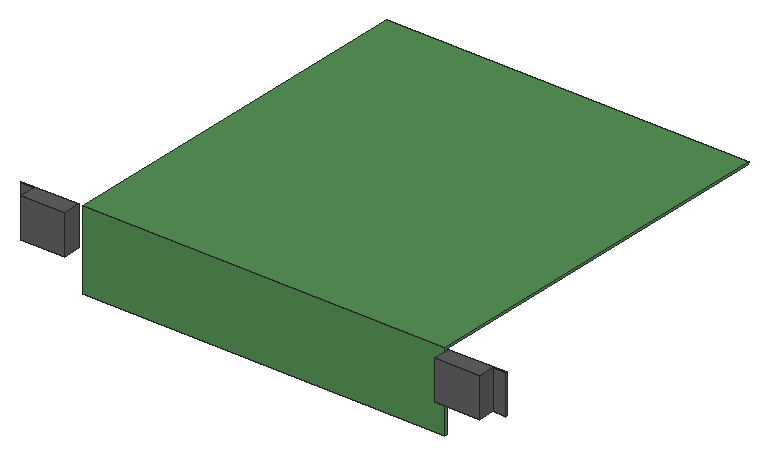
Revit family "Levelers_Kelley_HHC", category Specialty Equipment, host Floor, Revit 2024
Family settings
  Host = Floor
  Round Connector Dimension = Use Diameter
  Part Type = Normal
  Enable Cutting in Views = No
  Always vertical = Yes
  Cut with Voids When Loaded = Yes
  Maintain Annotation Orientation = No
  Shared = No
  Room Calculation Point = No
Parameters (values of type "7x8")
  URL = "http://kelleyentrematic.com/"
  Model = "HHC"
  Manufacturer = "Kelley Entrematic"
  Description = "Hydraulic Heavy Capacity Leveler"
  LipExtension = 0' - 0"
  PitWidth = 7' - 1"
  PitLength = 7' - 3"
  PitDepthR = PitDepth - 0' 0 1/2"  # 1' - 11 1/2"
  PitDepth = 2' - 0"
  LipLength = 1' - 6"
  Default Elevation = 0' - 0"
  Curb = 0' - 3"
  Capacity = "60/80k"
Types (24): name | LipExtension | PitWidth | PitLength
  6x6 | 0' - 0" | 6' - 1" | 5' - 3"
  6x8 | 0' - 0" | 6' - 1" | 7' - 3"
  6.5x6 | 0' - 0" | 6' - 7" | 5' - 3"
  6.5x8 | 0' - 0" | 6' - 7" | 7' - 3"
  7x6 | 0' - 0" | 7' - 1" | 5' - 3"
  7x8 | 0' - 0" | 7' - 1" | 7' - 3"
  6x10 | 0' - 0" | 6' - 1" | 9' - 3"
  6.5x10 | 0' - 0" | 6' - 7" | 9' - 3"
  7x10 | 0' - 0" | 7' - 1" | 9' - 3"
  6x10 Barrier Lip | 0' - 5" | 6' - 1" | 9' - 3"
  6.5x10 Barrier Lip | 0' - 5" | 6' - 7" | 9' - 3"
  7x10 Barrier Lip | 0' - 5" | 7' - 1" | 9' - 3"
  6x6 Barrier Lip | 0' - 5" | 6' - 1" | 5' - 3"
  6.5x6 Barrier Lip | 0' - 5" | 6' - 7" | 5' - 3"
  7x6 Barrier Lip | 0' - 5" | 7' - 1" | 5' - 3"
  6x8 Barrier Lip | 0' - 5" | 6' - 1" | 7' - 3"
  6.5x8 Barrier Lip | 0' - 5" | 6' - 7" | 7' - 3"
  7x8 Barrier Lip | 0' - 5" | 7' - 1" | 7' - 3"
  6.5x12 | 0' - 0" | 6' - 7" | 11' - 3"
  6.5x12 Barrier Lip | 0' - 0" | 6' - 7" | 11' - 3"
  6x12 | 0' - 0" | 6' - 1" | 11' - 3"
  6x12 Barrier Lip | 0' - 5" | 6' - 1" | 11' - 3"
  7x12 | 0' - 0" | 7' - 1" | 11' - 3"
  7x12 Barrier Lip | 0' - 5" | 7' - 1" | 11' - 3"
Reference planes (in)
  plane 1 "Center (Front/Back)": y = 0
  plane 2: z = 0
  plane 3 "Center (Left/Right)": x = 0
  plane 4 "Lip Width": y = -59.5
  plane 5 "pit right": x = 42.5
  plane 6 "Pit left": x = -42.5
  plane 7 "pit rear": y = 27
  plane 8 "curb angle left": x = -45.5
  plane 9: x = -41.5
  plane 10 "curb angle right": x = 45.5
  plane 11: x = 41.5
  plane 12 "curb angle rear": y = 30
  plane 13 "Curb angle - Front": y = -57
  plane 14 "Edge of Dock": y = -60
  plane 15: z = -0.5
  plane 16: z = -23.5
  plane 17: z = -24
  plane 18: y = 15
  plane 19: y = -48
  plane 20 "Lip Length": z = -18
  plane 21: x = 63.5
  plane 22: x = -63.5
  plane 23: z = -3
  plane 24: z = -27
  plane 25: z = 0
  plane 26: z = 0
  plane 27: z = -12
  plane 28: x = 14
  plane 29: x = -52.625
  plane 30: x = -55.625
  plane 31: y = -60.25
  plane 32: y = -64
  plane 33: x = 52.625
  plane 34: x = 55.625
  plane 35: z = -9
Forms (in)
  Extrusion 1, void
    sketch origin (0, 0, 0) x (0, 1, 0) y (0, 0, 1)
      loop
        line (27, 0) -> (-60, 0) -> (-60, -24) -> (-48, -24) -> (15, -23.5) -> (27, -23.5) -> (27, 0)
    from -42.5 to 42.5
  Extrusion 2, solid, material "Kelley Diamond"
    sketch origin (0, 0, 0) x (1, 0, 0) y (0, 1, 0)
      loop
        line (-41.5, 27) -> (-41.5, -60) -> (41.5, -60) -> (41.5, 27) -> (-41.5, 27)
    from -0.5 to 0
  Extrusion 3, solid, material "Kelley Diamond"
    sketch origin (0, 0, 0) x (1, 0, 0) y (0, 0, 1)
      loop
        line (-41.5, 0) -> (-41.5, -18) -> (41.5, -18) -> (41.5, 0) -> (-41.5, 0)
    from 59.5 to 60
  Extrusion 4, solid, material "BUMPER"
    sketch origin (0, 0, 0) x (-1, 0, 0) y (0, -1, 0)
      loop
        line (42.5, 60) -> (55.625, 60) -> (55.625, 60.25) -> (52.625, 60.25) -> (52.625, 64) -> (42.5, 64) -> (42.5, 60)
      loop
        line (-42.5, 60) -> (-42.5, 64) -> (-52.625, 64) -> (-52.625, 60.25) -> (-55.625, 60.25) -> (-55.625, 60) -> (-42.5, 60)
    from -9 to 0
Cuts and joins
  joined: Extrusion 2, Extrusion 3
Lines and regions (in)
  model lines
    curve 1: line (-45.5, 30, 0) -> (45.5, 30, 0)
    curve 2: line (45.5, 30, 0) -> (45.5, 27, 0)
    curve 3: line (45.5, 27, 0) -> (-45.5, 27, 0)
    curve 4: line (-45.5, 27, 0) -> (-45.5, 30, 0)
    curve 5: line (-45.5, 27, 0) -> (-45.5, -57, 0)
    curve 6: line (-42.5, -57, 0) -> (-42.5, 27, 0)
    curve 7: line (-42.5, -57, 0) -> (-63.5, -57, 0)
    curve 8: line (-63.5, -57, 0) -> (-63.5, -60, 0)
    curve 9: line (-63.5, -60, 0) -> (-42.5, -60, 0)
    curve 10: line (45.5, 27, 0) -> (45.5, -57, 0)
    curve 11: line (42.5, -57, 0) -> (42.5, 27, 0)
    curve 12: line (42.5, -60, 0) -> (63.5, -60, 0)
    curve 13: line (63.5, -60, 0) -> (63.5, -57, 0)
    curve 14: line (63.5, -57, 0) -> (42.5, -57, 0)
    curve 15: line (-63.5, -60, 0) -> (-63.5, -60, -3)
    curve 16: line (-63.5, -60, -3) -> (-42.5, -60, -3)
    curve 17: line (-42.5, -60, -3) -> (-42.5, -60, 0)
    curve 18: line (-45.5, -60, -3) -> (-45.5, -60, -27)
    curve 19: line (-45.5, -60, -24) -> (-42.5, -60, -24)
    curve 20: line (-45.5, -60, -27) -> (45.5, -60, -27)
    curve 21: line (45.5, -60, -27) -> (45.5, -60, -3)
    curve 22: line (42.5, -60, -24) -> (45.5, -60, -24)
    curve 23: line (42.5, -60, -24) -> (42.5, -60, 0)
    curve 24: line (42.5, -60, -3) -> (63.5, -60, -3)
    curve 25: line (63.5, -60, -3) -> (63.5, -60, 0)
    curve 26: line (-42.5, -60, -3) -> (-42.5, -60, -24)
    curve 27: line (-42.5, -60, -24) -> (42.5, -60, -24)
    curve 28: line (-42.5, -57, 0) -> (-42.5, -60, 0)
    curve 29: line (42.5, -57, 0) -> (42.5, -60, 0)
Dimensions and locks (in)
  equal spacing: host sketch curve, plane 1 "Center (Front/Back)", host sketch curve
  equal spacing: host sketch curve, plane 3 "Center (Left/Right)", host sketch curve
  host sketch curve to host sketch curve = 10' - 0"  (x2)
  equal spacing: plane 6 "Pit left", plane 3 "Center (Left/Right)", plane 5 "pit right"
  "PitWidth": plane 6 "Pit left" to plane 5 "pit right"
  "PitLength": plane 14 "Edge of Dock" to plane 7 "pit rear"
  "Curb": plane 8 "curb angle left" to plane 6 "Pit left"
  locked: plane 6 "Pit left" to plane 9 at 1
  locked: plane 11 to plane 5 "pit right" at 1
  "Curb": plane 5 "pit right" to plane 10 "curb angle right"
  "Curb": plane 7 "pit rear" to plane 12 "curb angle rear"
  "Curb": plane 14 "Edge of Dock" to plane 13 "Curb angle - Front"
  "PitDepthR": level to plane 16
  "PitDepth": level to plane 17
  locked: plane 7 "pit rear" to plane 18 at 12
  locked: plane 19 to plane 14 "Edge of Dock" at 12
  "LipLength": level to plane 20 "Lip Length"
  locked: plane 22 to plane 6 "Pit left" at 21
  locked: plane 5 "pit right" to plane 21 at 21
  "LipExtension": plane 26 to level
  locked: plane 24 to plane 17 at 3
  locked: level to plane 15 at 0.5
  locked: plane 14 "Edge of Dock" to plane 4 "Lip Width" at 0.5
  locked: plane 3 "Center (Left/Right)" to plane 28 at 14
  locked: level to plane 27 at 12
  locked: connector elem to plane 7 "pit rear" at 9
  locked: plane 16 to connector elem at 5
  locked: plane 31 to curve 9 at 0.25
  locked: plane 32 to curve 9 at 4
  locked: plane 29 to plane 6 "Pit left" at 10.125
  locked: plane 30 to plane 6 "Pit left" at 13.125
  locked: plane 5 "pit right" to plane 33 at 10.125
  locked: plane 5 "pit right" to plane 34 at 13.125
  locked: curve 9 to plane 35 at 9
  aligned and locked: level to plane 2
  aligned and locked: plane 14 "Edge of Dock" to host floor
  aligned and locked: plane 19 to Extrusion 1 sketch curve
  aligned and locked: plane 16 to Extrusion 1 sketch curve
  aligned and locked: Extrusion 1 sketch curve to plane 18
  aligned and locked: plane 17 to Extrusion 1 sketch curve
  aligned and locked: Extrusion 1 sketch curve to plane 14 "Edge of Dock"
  aligned and locked: Extrusion 1 to plane 6 "Pit left"
  aligned and locked: Extrusion 1 to plane 5 "pit right"
  aligned and locked: plane 7 "pit rear" to Extrusion 2 sketch curve
  aligned and locked: Extrusion 2 sketch curve to plane 9
  aligned and locked: Extrusion 2 sketch curve to plane 14 "Edge of Dock"
  aligned and locked: Extrusion 2 to plane 15
  aligned and locked: level to Extrusion 2
  aligned and locked: Extrusion 3 sketch curve to Extrusion 2
  aligned and locked: plane 20 "Lip Length" to Extrusion 3 sketch curve
  aligned and locked: Extrusion 3 sketch curve to plane 11
  aligned and locked: Extrusion 3 to plane 14 "Edge of Dock"
  aligned and locked: Extrusion 3 to plane 4 "Lip Width"
  aligned and locked: Extrusion 2 sketch curve to plane 11
  aligned and locked: curve 7 to plane 13 "Curb angle - Front"
  aligned and locked: curve 8 to plane 22
  aligned and locked: curve 5 to plane 8 "curb angle left"
  aligned and locked: plane 6 "Pit left" to curve 6
  aligned and locked: curve 3 to plane 7 "pit rear"
  aligned and locked: plane 12 "curb angle rear" to curve 1
  aligned and locked: curve 2 to plane 10 "curb angle right"
  aligned and locked: plane 5 "pit right" to curve 11
  aligned and locked: curve 10 to plane 10 "curb angle right"
  aligned and locked: curve 14 to plane 13 "Curb angle - Front"
  aligned and locked: plane 14 "Edge of Dock" to curve 12
  aligned and locked: curve 13 to plane 21
  aligned and locked: plane 24 to curve 18
  aligned and locked: curve 16 to plane 23
  aligned and locked: curve 15 to plane 22
  aligned and locked: plane 6 "Pit left" to curve 17
  aligned and locked: curve 22 to plane 5 "pit right"
  aligned and locked: curve 21 to plane 10 "curb angle right"
  aligned and locked: curve 22 to plane 17
  aligned and locked: curve 25 to plane 21
  aligned and locked: curve 19 to curve 27
  aligned and locked: curve 9 to plane 14 "Edge of Dock"
  aligned and locked: plane 26 to Extrusion 3 sketch curve
  aligned and locked: plane 23 to curve 24
  aligned and locked: plane 24 to curve 20
  aligned and locked: cut or joined group of Extrusion 2, Extrusion 3 to plane 7 "pit rear"
  aligned and locked: Extrusion 4 sketch curve to curve 9
  aligned and locked: Extrusion 4 sketch curve to plane 29
  aligned and locked: Extrusion 4 sketch curve to plane 31  (x2)
  aligned and locked: Extrusion 4 sketch curve to plane 30
  aligned and locked: plane 32 to Extrusion 4 sketch curve
  aligned and locked: Extrusion 4 sketch curve to plane 6 "Pit left"
  aligned and locked: plane 33 to Extrusion 4 sketch curve
  aligned and locked: Extrusion 4 sketch curve to plane 34
  aligned and locked: Extrusion 4 sketch curve to plane 32
  aligned and locked: Extrusion 4 sketch curve to curve 12
  aligned and locked: Extrusion 4 sketch curve to plane 5 "pit right"
  aligned and locked: plane 35 to Extrusion 4
  aligned and locked: level to Extrusion 4
Automatic sketch dimensions
  Extrusion 1 sketch curve to level = 0' - 0"
  Extrusion 1 sketch curve to plane 7 "pit rear" = 0' - 0"
  plane 8 "curb angle left" to curve 20 = 0' - 0"
  curve 25 to level = 0' - 0"
  plane 21 to curve 25 = 0' - 0"
  curve 27 to plane 17 = 0' - 0"
  curve 16 to plane 23 = 0' - 0"
  curve 23 to level = 0' - 0"
  curve 17 to level = 0' - 0"
  curve 15 to level = 0' - 0"
Connectors (in)
  electrical at (42.5, 18, -18.5)
    settings: on plane 5 "pit right", index 1, voltage 120 V, apparent load 0 VA, apparent load phase1 0 VA, apparent load phase2 0 VA, apparent load phase3 0 VA, power factor 1, load classification "Other", number of poles 1, system type 31, power factor state 1, is connector primary yes, connector utility no, sub classification motor no, connector description ""
